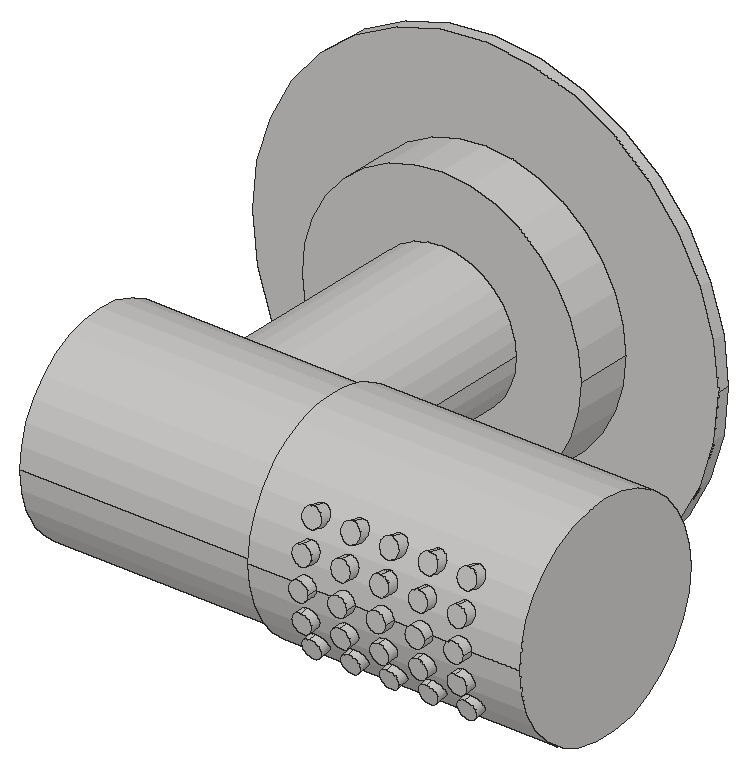
Revit family "080K", category Generic Models, Revit 2021
Family settings
  Can host rebar = No
  Round Connector Dimension = Use Diameter
  Part Type = Normal
  Work Plane-Based = No
  Always vertical = Yes
  Cut with Voids When Loaded = No
  Shared = No
  Room Calculation Point = No
Parameters (values of type "Standard")
  e-mail = "info@vola.com"
  URL = "http://vola.com"
  Telephone = "+45 7023 5500"
  Quality management standard = "ISO 9001"
  Organisation no. / DUNS no. = "17531328"
  Occupational health and safety management standard = "ISO 18001"
  Mounting Instructions = "http://vola.com/service/producturl.ashx?name=080K"
  Model = "080K"
  Materials and components information = "http://vola.com/service/producturl.ashx?name=080K"
  Manufacturer = "VOLA A/S"
  Maintenance Instructions = "http://vola.com/service/producturl.ashx?name=080K"
  Guarantee = "2 years"
  Flow = "14,00 l/min"
  Environmental management standard = "ISO 14000"
  Default Elevation = 0.00 mm
  Connection - All relevant connections = ""
  Approvals = "http://vola.com/service/producturl.ashx?name=080K"
Reference planes
  plane 1 "Center (Front/Back)": y = 0
  plane 2: z = 0
  plane 3 "Center (Left/Right)": x = 0
  plane 4: x = 42.5
Forms (mm)
  Extrusion 1, solid, material "Stainless Steel"
    sketch origin (0, 0, 0) x (1, 0, 0) y (0, 0, 1)
      loop
        circle (0, 0) r 30
    from 0 to 1.5
  Extrusion 2, solid, material "Stainless Steel"
    sketch origin (0, -1.5, 0) x (1, 0, 0) y (0, 0, 1)
      loop
        circle (0, 0) r 18
    from 0 to 7
  Extrusion 3, solid, material "Stainless Steel"
    sketch origin (0, -8.5, 0) x (1, 0, 0) y (0, 0, 1)
      loop
        circle (0, 0) r 9.5
    from 0 to 37
  Extrusion 4, solid, material "Stainless Steel"
    sketch origin (0, 71.25, 0) x (0, 1, 0) y (0, 0, 1)
      loop
        circle (-116, 0) r 13
    from -15 to 15
  Extrusion 5, solid, material "Stainless Steel"
    sketch origin (15, 71.75, 0) x (0, 1, 0) y (0, 0, 1)
      loop
        circle (-116.5, 0) r 13.75
    from 0 to 35
  Extrusion 6, solid, material "Stainless Steel"
    sketch origin (9.158, -59.334, 4.924) x (0, 0.121869, 0.992546) y (-1, 0, 0)
      loop
        circle (-0.95, -33.342) r 1.25
      loop
        circle (-0.95, -28.342) r 1.25
      loop
        circle (-0.95, -23.342) r 1.25
      loop
        circle (-0.95, -18.342) r 1.25
      loop
        circle (-0.95, -13.342) r 1.25
    from -0.25 to -2
  Extrusion 7, solid, material "Stainless Steel"
    sketch origin (-0.5, -57.613, 8.583) x (0, 0.241922, 0.970296) y (-1, 0, 0)
      loop
        circle (-0.95, -43) r 1.25
      loop
        circle (-0.95, -38) r 1.25
      loop
        circle (-0.95, -33) r 1.25
      loop
        circle (-0.95, -28) r 1.25
      loop
        circle (-0.95, -23) r 1.25
    from -0.25 to -2
  Extrusion 8, solid, material "Stainless Steel"
    sketch origin (-0.5, -60, 0.95) x (0, 0, 1) y (-1, 0, 0)
      loop
        circle (-0.95, -43) r 1.25
      loop
        circle (-0.95, -38) r 1.25
      loop
        circle (-0.95, -33) r 1.25
      loop
        circle (-0.95, -28) r 1.25
      loop
        circle (-0.95, -23) r 1.25
    from -0.25 to -2
  Extrusion 9, solid, material "Stainless Steel"
    sketch origin (9.158, -59.334, -4.924) x (0, 0.121869, -0.992546) y (1, 0, 0)
      loop
        circle (-0.95, 33.342) r 1.25
      loop
        circle (-0.95, 28.342) r 1.25
      loop
        circle (-0.95, 23.342) r 1.25
      loop
        circle (-0.95, 18.342) r 1.25
      loop
        circle (-0.95, 13.342) r 1.25
    from -0.25 to -2
  Extrusion 10, solid, material "Stainless Steel"
    sketch origin (-0.5, -57.613, -8.583) x (0, 0.241922, -0.970296) y (1, 0, 0)
      loop
        circle (-0.95, 43) r 1.25
      loop
        circle (-0.95, 38) r 1.25
      loop
        circle (-0.95, 33) r 1.25
      loop
        circle (-0.95, 28) r 1.25
      loop
        circle (-0.95, 23) r 1.25
    from -0.25 to -2
Cuts and joins
  joined: Extrusion 5, Extrusion 6, Extrusion 7, Extrusion 8, Extrusion 9, Extrusion 10
  joined: Extrusion 3, Extrusion 4
Dimensions and locks
  aligned and locked: plane 2 to level
